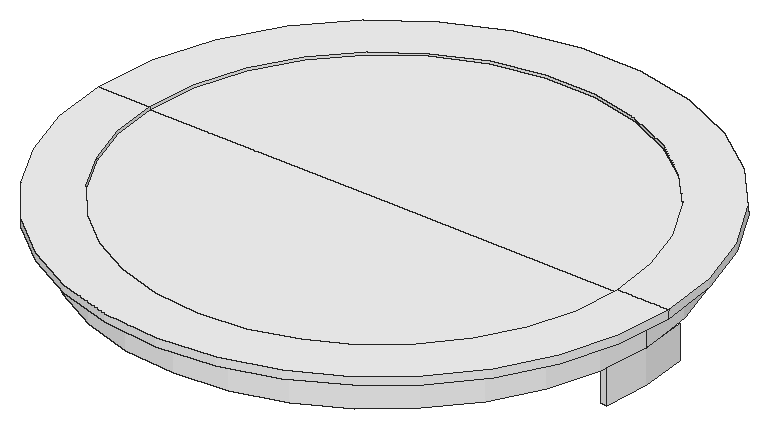
Revit family "0053977", category Lighting Fixtures, host Face, Revit 2017
Family settings
  Host = Face
  Round Connector Dimension = Use Diameter
  Part Type = Normal
  OmniClass Number = 23.80.70.11.14.11
  OmniClass Title = Downlights
  Cut with Voids When Loaded = No
  Light Source = Yes
  Shared = No
  Room Calculation Point = No
Parameters (values of type "0053977 SYLFLAT 205 IP44 2050LM 830 DIM ")
  Weight = "6.56 kg"
  Wattage Comments = "n/a"
  Wattage = 20 W
  WarrantyStartDate [instance] = "n/a"
  WarrantyGuarantorParts = "n/a"
  WarrantyDurationUnit = "year"
  WarrantyDurationParts = "n/a"
  WarrantyDescription = "n/a"
  built-in parameter 1150110 = 1 (stored number, unit not read)
  Voltage = 230 V
  URL = "http://www.sylvania-lighting.com"
  TypeName = "SYLFLAT 205 IP44 2050LM 830 DIM"
  Type Image = <None>
  Type Comments = "n/a"
  built-in parameter 1114217 = 1 (stored number, unit not read)
  Tilt Angle = -90.00°
  built-in parameter 1150109 = 1 (stored number, unit not read)
  built-in parameter 1150134 = (empty or 0)
  built-in parameter 1150113 = 1 (stored number, unit not read)
  SpringMountStartAngle_FEILO = -SpringMountEndAngle_FEILO  # -10.00°
  SpringMountEndAngle_FEILO = 10.00°
  SerialNumber [instance] = "n/a"
  ReflectorMaterial = none
  RecessedHeight_FEILO = 26 mm
  RecessedDiameter_FEILO = 205 mm
  PowerFactor = 0
  PowerConsumption = "20 W"
  Photometric Web File = "0053977.ies"
  NominalLength = 222 mm
  NominalHeight = 26 mm
  NominalDepth = 222 mm
  Name = "SYLFLAT 205 IP44 2050LM 830 DIM"
  ModelReference = Name  # "SYLFLAT 205 IP44 2050LM 830 DIM"
  ModelNumber = "0053977"
  Model = Name  # "SYLFLAT 205 IP44 2050LM 830 DIM"
  Material = "Aluminium"
  ManufacturerName = "Feilo Sylvania"
  Manufacturer = "Feilo Sylvania"
  LuminousEfficacy = "102.5 lm/W"
  built-in parameter 1150105 = 163.13 (stored number, unit not read)
  Lumens = 2050 lm
  LuminaireType = "LED recessed downlight"
  built-in parameter 1150115 = 1 (stored number, unit not read)
  LightOutputRatio = "1"
  built-in parameter 1150137 = (empty or 0)
  built-in parameter 1150139 = (empty or 0)
  LampsType = Lamp  # "LED"
  LampNominalLuminous = "2050 lm"
  LampMacAdamStep = "n/a"
  LampColourTemperature = "3000 K"
  LampColourRenderingIndex = "80"
  built-in parameter 1150112 = 1 (stored number, unit not read)
  built-in parameter 1150114 = 1 (stored number, unit not read)
  Lamp = "LED"
  Keynote = "16500"
  InstallationDate [instance] = "n/a"
  InputVoltage = "220-240V~"
  InputNominalFrequency = "50/60 Hz"
  built-in parameter 1150132 = (empty or 0)
  built-in parameter 1150102 = (empty or 0)
  built-in parameter 1150107 = 3000 (stored number, unit not read)
  built-in parameter 1150138 = (empty or 0)
  IngressProtection = "IP44"
  ImpactProtectionIndex = "IK06"
  built-in parameter 1150106 = 1.6313 (stored number, unit not read)
  IfcExportType = "IfcLightFixtureType"
  IfcExportAs = "IfcLightFixtureType"
  ExpectedLife = 50000
  Emit from Circle Diameter = 182 mm
  Emit Shape Visible in Rendering = no
  ElectricShockClassification = "Class II"
  built-in parameter 1150104 = 9.5226 (stored number, unit not read)
  DurationUnit = "hours"
  DocumentationLiterature = "http://www.sylvania-lighting.com/product/en-int/products/0053977"
  DimmingControlOptions = "Dimmable"
  Dimming Lamp Color Temperature Shift = <None>
  DiffuserMaterial = Diffuser-Sylvania-Glow
  Description = "Integrated LED recessed downlight providing 1940 fixture lumens at a wattage of 23W giving a high efficacy of 84lm/W. Fitting includes Leading/Trailing edge phase dimmable driver and has a round ceiling cut out of 205mm with an IP20 and IK02 rating providing uniform distribution with an Opal diffuser and 110° beam angle. Provided including a Loop in Loop out box and built Built white aluminium housing."
  Default Elevation = 1219.2 mm
  CutoutHeight_FEILO = RecessedHeight_FEILO + 10 mm  # 36 mm
  CreatedOn = "03-11-2017"
  CreatedBy = "aron.fodor@feilosylvania.com"
  Cost = 0
  Color Filter = 16777215
  built-in parameter 1114216 [instance] = (empty or 0)
  ClassificationValue = "EF_70_80"
  ClassificationName = "Uniclass2015"
  BodyWidth_FEILO = 222 mm
  BodyMaterial = Body-Sylvania-SylFlatDimmable-White
  BodyLength_FEILO = 222 mm
  BodyHeight_FEILO = 13 mm
  BarCode [instance] = "n/a"
  built-in parameter 1114218 = 1 (stored number, unit not read)
  built-in parameter 1150133 = 10 (stored number, unit not read)
  AssetType = "Fixed"
  AssetIdentifier [instance] = "n/a"
  Assembly Code = "D5020200"
  Apparent Load = 20 VA
  AccessoryMaterial = Diffuser-Sylvania-Glow
Reference planes
  plane 1 "Center (Front/Back)": y = 0
  plane 2: z = 0
  plane 3 "Center (Left/Right)": x = 0
  plane 4: x = 111
  plane 5: x = -111
  plane 6: y = 111
  plane 7: y = -111
  plane 8: z = 3
  plane 9: z = -26
  plane 10: x = 102.5
  plane 11: x = -102.5
  plane 12: y = 102.5
  plane 13: y = -102.5
  plane 14: z = 2
  plane 15: x = -91
  plane 16: z = -13
  plane 17: x = -100
  plane 18: x = 100
  plane 19: z = -36
Forms (mm)
  Revolve 1, solid, material "Body-Sylvania-SylFlatDimmable-White" <- "BodyMaterial"
    sketch origin (0, 0, 0) x (1, 0, 0) y (0, 0, 1)
      loop
        line (0, -13) -> (0, 2) -> (-91, 2) -> (-91, 3) -> (-111, 3) -> (-111, 0) -> (-102.5, 0) -> (-102.5, -13) -> (0, -13)
      axis (0, 3) -> (0, -13)
    angle from 360 to 0
  Revolve 2, solid, material "Body-Sylvania-SylFlatDimmable-White" <- "BodyMaterial"
    sketch origin (0.654, 0, 0) x (1, 0, 0) y (0, 0, 1)
      loop
        line (-103.154, -13) -> (-103.154, -26) -> (-100.654, -26) -> (-100.654, -13) -> (-103.154, -13)
      axis (-0.654, -13) -> (-0.654, -26)
    angle from -10 <- "SpringMountStartAngle_FEILO" to 10 <- "SpringMountEndAngle_FEILO"
  Revolve 3, solid, material "Body-Sylvania-SylFlatDimmable-White" <- "BodyMaterial"
    sketch origin (0, 0, 0) x (1, 0, 0) y (0, 0, 1)
      loop
        line (102.5, -13) -> (100, -13) -> (100, -26) -> (102.5, -26) -> (102.5, -13)
      axis (0, -13) -> (0, -26)
    angle from -10 <- "SpringMountStartAngle_FEILO" to 10 <- "SpringMountEndAngle_FEILO"
  Revolve 4, void
    sketch origin (0, 0, 0) x (1, 0, 0) y (0, 0, 1)
      loop
        line (0, 0) -> (-102.5, 0) -> (-102.5, -36) -> (0, -36) -> (0, 0)
      axis (0, 0) -> (0, -36)
    angle from 360 to 0
Cuts and joins
  joined: Revolve 1, Revolve 2, Revolve 3
Dimensions and locks
  equal spacing: plane 5, plane 3 "Center (Left/Right)", plane 4
  equal spacing: plane 7, plane 1 "Center (Front/Back)", plane 6
  "BodyWidth_FEILO": plane 7 to plane 6
  "BodyLength_FEILO": plane 5 to plane 4
  "RecessedHeight_FEILO": plane 2 to plane 9
  locked: plane 8 to plane 2 at 3
  equal spacing: plane 11, plane 3 "Center (Left/Right)", plane 10
  "RecessedDiameter_FEILO": plane 11 to plane 10
  equal spacing: plane 13, plane 1 "Center (Front/Back)", plane 12
  "RecessedDiameter_FEILO": plane 13 to plane 12
  locked: plane 14 to plane 2 at 2
  locked: plane 15 to plane 5 at 20
  "BodyHeight_FEILO": plane 2 to plane 16
  equal spacing: plane 18, plane 3 "Center (Left/Right)", plane 17
  locked: plane 17 to plane 11 at 2.5
  "CutoutHeight_FEILO": plane 2 to plane 19
  aligned and locked: plane 2 to host face
  aligned and locked: level to host face
  aligned and locked: plane 3 "Center (Left/Right)" to Revolve 1 sketch curve
  aligned and locked: Revolve 1 sketch curve to plane 14
  aligned and locked: plane 15 to Revolve 1 sketch curve
  aligned and locked: Revolve 1 sketch curve to plane 8
  aligned and locked: Revolve 1 sketch curve to plane 5
  aligned and locked: Revolve 1 sketch curve to plane 11
  aligned and locked: Revolve 1 sketch curve to plane 3 "Center (Left/Right)"
  aligned and locked: Revolve 1 sketch curve to level
  aligned and locked: plane 16 to Revolve 1 sketch curve
  aligned and locked: Revolve 2 sketch curve to Revolve 1  (x2)
  aligned and locked: Revolve 2 sketch curve to plane 9
  aligned and locked: Revolve 2 sketch curve to plane 17
  aligned and locked: Revolve 2 sketch curve to plane 3 "Center (Left/Right)"
  aligned and locked: Revolve 3 sketch curve to plane 3 "Center (Left/Right)"
  aligned and locked: Revolve 3 sketch curve to Revolve 1  (x2)
  aligned and locked: plane 9 to Revolve 3 sketch curve
  aligned and locked: Revolve 3 sketch curve to plane 18
  aligned and locked: Revolve 4 sketch curve to plane 3 "Center (Left/Right)"
  aligned and locked: plane 19 to Revolve 4 sketch curve
  aligned and locked: plane 3 "Center (Left/Right)" to Revolve 4 sketch curve
  aligned and locked: Revolve 4 sketch curve to plane 11
  aligned and locked: level to Revolve 4 sketch curve
  aligned and locked: imposter light to plane 14
  aligned and locked: plane 3 "Center (Left/Right)" to imposter light
  aligned and locked: imposter light to plane 1 "Center (Front/Back)"
Automatic sketch dimensions
  host sketch curve to host sketch curve = 2438.4 mm  (x2)
  plane 9 to Revolve 1 sketch curve = 587.6 mm
  Revolve 1 sketch curve to plane 8 = 2606.058 mm
  plane 9 to Revolve 2 sketch curve = 587.6 mm
  Revolve 2 sketch curve to plane 8 = 2606.058 mm
  plane 9 to Revolve 3 sketch curve = 587.6 mm
  Revolve 3 sketch curve to plane 8 = 2606.058 mm
  plane 19 to Revolve 4 sketch curve = 577.6 mm
  Revolve 4 sketch curve to plane 8 = 2606.058 mm
Connectors
  electrical at (0, 0, 0), driven by "Apparent Load", driven by "PowerFactor", driven by "Voltage"
    settings: index 1, voltage 230 V, apparent load 20 VA, apparent load phase1 0 VA, apparent load phase2 0 VA, apparent load phase3 0 VA, power factor 0, load classification "Lighting", number of poles 1, system type 30, power factor state 1, is connector primary yes, connector utility no, sub classification motor no, connector description ""
